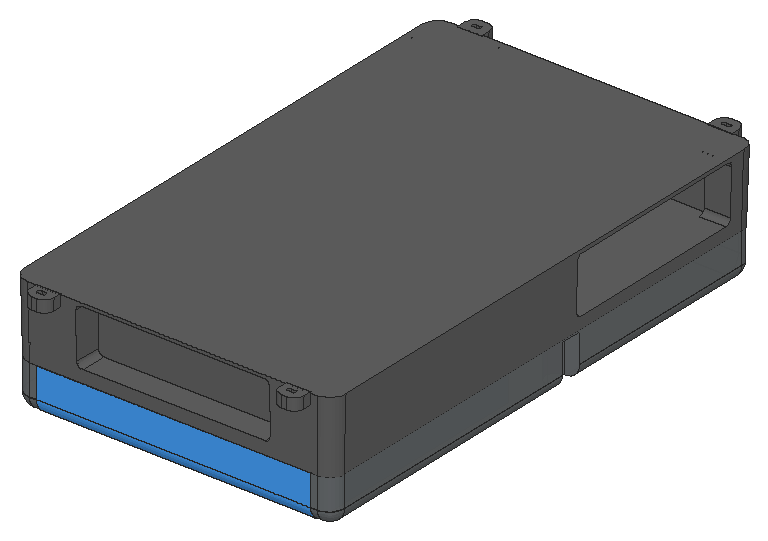
Revit family "Nuaire_IfcFanType_MevEco", category Mechanical Equipment, Revit 2018
Family settings
  Round Connector Dimension = Use Radius
  Part Type = Normal
  OmniClass Number = 23.75.00.00
  OmniClass Title = Climate Control (HVAC)
  Work Plane-Based = No
  Always vertical = Yes
  Cut with Voids When Loaded = No
  Shared = No
  Room Calculation Point = No
Parameters (values of type "MEV-ECO")
  Width = 340.00 mm  # constant formula
  Weight = 4.00 kg  # constant formula
  Weekly = "SFG20 20-03"  # constant formula
  Voltage = 230.00 V  # constant formula
  Type Comments = ""
  Type = ""
  Supply Phase = 1  # constant formula
  Starting Current = 0.45 A  # constant formula
  Specific Fan Power at Design Duty [instance] = "0.0"
  Shape = ""
  Revit Family Last Revised = "2020-09-23T13:00:00"  # constant formula
  Responsible Sourcing of Materials = "FSC"  # constant formula
  Responsible Extraction of Materials = "n/a"  # constant formula
  Reference Standard = "ISO 9001:2015"  # constant formula
  Quote Reference [instance] = ""
  Quarterly = "SFG20 20-03"  # constant formula
  Project Reference [instance] = ""
  Product Range = "MEV-ECO"  # constant formula
  Product Literature = "http://nuaire.info/catalogue/MEV-ECO%20Flyer.pdf"
  Power Source = "Mains"  # constant formula
  Order Reference [instance] = ""
  Operation and Maintenance Manual = "http://nuaire.info/IandM/671944.pdf"
  OmniClass Title = "Centrifugal fans"  # constant formula
  OmniClass Number = "23-33 31 19 13"  # constant formula
  Number of Connection Poles = 2  # constant formula
  Nominal Motor Speed (rpm) = 3300  # constant formula
  Nominal Motor Rating = 0.087 kW  # constant formula
  Monthly = "SFG20 20-03"  # constant formula
  Maximum Ambient Temperature = 50.00 °C  # constant formula
  Material Ingredient Reporting = "n/a"  # constant formula
  Material = ""
  Manufacturer Website = "http://www.nuaire.co.uk/"
  Maintenance Required 8001 to 12000hrs = "http://nuaire.info/IandM/671944.pdf"
  Maintenance Required 601 to 1000hrs = "http://nuaire.info/IandM/671944.pdf"
  Maintenance Required 4001 to 8000hrs = "http://nuaire.info/IandM/671944.pdf"
  Maintenance Required 301 to 600hrs = "http://nuaire.info/IandM/671944.pdf"
  Maintenance Required 2001 to 4000hrs = "http://nuaire.info/IandM/671944.pdf"
  Maintenance Required 1001 to 2000hrs = "http://nuaire.info/IandM/671944.pdf"
  Maintenance Required 0 to 300hrs = "http://nuaire.info/IandM/671944.pdf"
  Location of Manufacturer = "51.571856, -3.232638"  # constant formula
  Location Reference [instance] = ""
  Life Cycle Analysis = 0  # constant formula
  Length = 596.00 mm  # constant formula
  IFCExportType = "CENTRIFUGALBACKWARDINCLINEDCURVED"  # constant formula
  IFCExportAs = "IfcFanType"  # constant formula
  I&M Manual = "http://nuaire.info/IandM/671944.pdf"
  Height = 125.00 mm  # constant formula
  Green Guide for Specification = "n/a"  # constant formula
  Full Load Current = 0.66 A  # constant formula
  Frequency = 50.00 Hz  # constant formula
  Fire Control Panel Links = no
  Finish = ""
  Features = ""
  External Static Pressure [instance] = 0.0 Pa
  Expected Life = "n/a"  # constant formula
  Environmental Product Declaration = "WEEE, RoHS"  # constant formula
  Energy Technology List = "n/a"  # constant formula
  Enclosure Rating = "Not IP rated"  # constant formula
  Embodied Carbon = "n/a"  # constant formula
  Duct Connection Width = 204.00 mm  # constant formula
  Duct Connection Height = 60.00 mm  # constant formula
  Discharge Flow [instance] = Connection 1 Extract Flow + Connection 2 Extract Flow + Connection 3 Extract Flow  # 0.0 L/s
  Daily = "SFG20 20-03"  # constant formula
  Connection 3 Extract Flow [instance] = 0.0 L/s
  Connection 2 Extract Flow [instance] = 0.0 L/s
  Connection 1 Extract Flow [instance] = 0.0 L/s
  Colour = ""
  Classification.Uniclass.Pr.Number = "Pr_65_67_29_12"  # constant formula
  Classification.Uniclass.Pr.Description = "Centrifugal fans"  # constant formula
  Catalogue Pages = "http://nuaire.info/catalogue/MEV-ECO%20Flyer.pdf"
  COBie.Type.WarrantyGuarantorParts = Manufacturer  # "Nuaire"
  COBie.Type.WarrantyGuarantorLabor = Manufacturer  # "Nuaire"
  COBie.Type.WarrantyDurationUnit = "Year"  # constant formula
  COBie.Type.WarrantyDurationParts = "5"  # constant formula
  COBie.Type.WarrantyDurationLabor = "1"  # constant formula
  COBie.Type.WarrantyDescription = "5 years. First year parts and labour, remaining 4 years parts only."  # constant formula
  COBie.Type.SustainabilityPerformance = ""
  COBie.Type.Size = ""
  COBie.Type.Shape = ""
  COBie.Type.ReplacementCost = 0
  COBie.Type.NominalWidth = Width  # 340.00 mm
  COBie.Type.NominalLength = Length  # 596.00 mm
  COBie.Type.NominalHeight = Height  # 125.00 mm
  COBie.Type.Name = Model  # "MEV-ECO"
  COBie.Type.ModelReference = Model  # "MEV-ECO"
  COBie.Type.ModelNumber = Model  # "MEV-ECO"
  COBie.Type.Material = ""
  COBie.Type.Manufacturer = Manufacturer  # "Nuaire"
  COBie.Type.Length = Length  # 596.00 mm
  COBie.Type.Grade = ""
  COBie.Type.Finish = ""
  COBie.Type.Features = ""
  COBie.Type.ExternalIdentifier = ""
  COBie.Type.ExpectedLife = ""
  COBie.Type.DurationUnit = ""
  COBie.Type.Description = Description  # "Mechanical extract ventilation system with multi-spigot option"
  COBie.Type.CreatedOn = Revit Family Last Revised  # "2020-09-23T13:00:00"
  COBie.Type.CreatedBy = Model Drawn by  # "Michael Grote"
  COBie.Type.Constituents = ""
  COBie.Type.Color = ""
  COBie.Type.Category = "Pr_65_67_29_12 : Centrifugal fans"  # constant formula
  COBie.Type.AssetType = ""
  COBie.Type.Area = 0.00 m²
  COBie.Type.AccessibilityPerformance = ""
  COBie.Type = yes
  COBie.ExternalIdentifier [instance] = ""
  COBie.CreatedOn [instance] = Revit Family Last Revised  # "2020-09-23T13:00:00"
  COBie.CreatedBy [instance] = Model Drawn by  # "Michael Grote"
  COBie.Component.WarrantyStartDate [instance] = "Commences on date of delivery"  # constant formula
  COBie.Component.TagNumber [instance] = ""
  COBie.Component.Space [instance] = ""
  COBie.Component.SerialNumber [instance] = ""
  COBie.Component.Name [instance] = Model  # "MEV-ECO"
  COBie.Component.Length [instance] = Length  # 596.00 mm
  COBie.Component.InstallationDate [instance] = ""
  COBie.Component.Description [instance] = Description  # "Mechanical extract ventilation system with multi-spigot option"
  COBie.Component.AssetIdentifier [instance] = ""
  COBie [instance] = yes
  CE Approval = "Yes"  # constant formula
  Bespoke Timeframe = "n/a"  # constant formula
  Battery Type = "n/a"  # constant formula
  Battery Supply = no
  BMS Links = no
  Apparent Load = Full Load Current * Voltage  # 151.80 VA
  Model Drawn by = "Michael Grote"  # constant formula
  URL = "http://www.nuaire.co.uk/"
  Weatherproof or Internal Only = "Internal only"  # constant formula
  Manufacturer = "Nuaire"  # constant formula
  Description = "Mechanical extract ventilation system with multi-spigot option"
  Annually = "SFG20 20-03"  # constant formula
  Address = "Western Industrial Estate, Caerphilly, UK"  # constant formula
  Postcode = "CF83 1NA"  # constant formula
  Telephone Number = "+44(0)2920-858-200"  # constant formula
  Fax Number = "+44(0)2920-858-222"  # constant formula
  Email Address = "info@nuaire.co.uk"  # constant formula
  Company Registration Number = "877308"  # constant formula
  Model = "MEV-ECO"
  6 Monthly = "SFG20 20-03"  # constant formula
  4button = no
  3button = not([4button])  # yes
Types (3, lengths in mm): name | COBie.Type.Name | COBie.Type.ModelReference | COBie.Type.ModelNumber | COBie.Type.Description | COBie.Component.Name | COBie.Component.Description | Description | Model | 4button | 3button
  (no name) | "MEV-ECO" | "MEV-ECO" | "MEV-ECO" | "Mechanical extract ventilation system with multi-spigot option" | "MEV-ECO" | "Mechanical extract ventilation system with multi-spigot option" | "Mechanical extract ventilation system with multi-spigot option" | "MEV-ECO" | no | yes
  MEV-ECO | "MEV-ECO" | "MEV-ECO" | "MEV-ECO" | "Mechanical extract ventilation system with multi-spigot option" | "MEV-ECO" | "Mechanical extract ventilation system with multi-spigot option" | "Mechanical extract ventilation system with multi-spigot option" | "MEV-ECO" | no | yes
  MEV-ECO-H | "MEV-ECO-H" | "MEV-ECO-H" | "MEV-ECO-H" | "Mechanical extract ventilation system with multi-spigot option and humidistat" | "MEV-ECO-H" | "Mechanical extract ventilation system with multi-spigot option and humidistat" | "Mechanical extract ventilation system with multi-spigot option and humidistat" | "MEV-ECO-H" | yes | no
Reference planes
  plane 1 "Center (Front/Back)": y = 0
  plane 2: z = 0
  plane 3 "Center (Left/Right)": x = 0
  plane 4: z = -125.051
  plane 5: y = 145.356
  plane 6: z = -33.49
  plane 7: x = 145
  plane 8: z = -82.501
  plane 9: x = -145
  plane 10: y = -17.782
  plane 11: x = 71.85
  plane 12: x = 157.186
  plane 13: z = -82.501
  plane 14: x = -132.814
  plane 15: y = -17.782
Forms (mm)
  Blend 1, solid, material "Black Plastic"
    base sketch origin (0, 0, 0) x (1, 0, 0) y (0, 1, 0)
      loop
        arc (-152.656, 278.656) -> (-163.97, 273.97) -> (-168.656, 262.656) r 16
        line (-168.656, 262.656) -> (-168.656, -262.595)
        arc (-168.656, -262.595) -> (-163.97, -273.909) -> (-152.656, -278.595) r 16
        line (-152.656, -278.595) -> (152.656, -278.595)
        arc (152.656, -278.595) -> (163.97, -273.909) -> (168.656, -262.595) r 16
        line (168.656, -262.595) -> (168.656, 262.656)
        arc (168.656, 262.656) -> (163.97, 273.97) -> (152.656, 278.656) r 16
        line (152.656, 278.656) -> (-152.656, 278.656)
    top sketch origin (0, 0, 0) x (1, 0, 0) y (0, 1, 0)
      loop
        arc (154, -280) -> (165.314, -275.314) -> (170, -264) r 16
        line (170, -264) -> (170, 264)
        arc (170, 264) -> (165.314, 275.314) -> (154, 280) r 16
        line (154, 280) -> (-154, 280)
        arc (-154, 280) -> (-165.314, 275.314) -> (-170, 264) r 16
        line (-170, 264) -> (-170, -264)
        arc (-170, -264) -> (-165.314, -275.314) -> (-154, -280) r 16
        line (-154, -280) -> (154, -280)
    from -77.001 to 0
  Blend 2, solid, material "Foam"
    base sketch origin (0, 0, 0) x (1, 0, 0) y (0, 1, 0)
      loop
        arc (-152.656, 278.656) -> (-163.97, 273.97) -> (-168.656, 262.656) r 16
        line (-168.656, 262.656) -> (-168.656, -262.595)
        arc (-168.656, -262.595) -> (-163.97, -273.909) -> (-152.656, -278.595) r 16
        line (-152.656, -278.595) -> (-145, -278.595) -> (-145, -17.782) -> (145, -17.782) -> (145, -278.595) -> (152.656, -278.595)
        arc (152.656, -278.595) -> (163.97, -273.909) -> (168.656, -262.595) r 16
        line (168.656, -262.595) -> (168.656, 262.656)
        arc (168.656, 262.656) -> (163.97, 273.97) -> (152.656, 278.656) r 16
        line (152.656, 278.656) -> (-152.656, 278.656)
    top sketch origin (0, 0, 0) x (1, 0, 0) y (0, 1, 0)
      loop
        line (-145, -278.595) -> (-145, -17.782) -> (145, -17.782) -> (145, -278.595) -> (152.656, -278.595)
        arc (152.656, -278.595) -> (163.97, -273.909) -> (168.656, -262.595) r 16
        line (168.656, -262.595) -> (168.656, 262.656)
        arc (168.656, 262.656) -> (163.97, 273.97) -> (152.656, 278.656) r 16
        line (152.656, 278.656) -> (-152.656, 278.656)
        arc (-152.656, 278.656) -> (-163.97, 273.97) -> (-168.656, 262.656) r 16
        line (-168.656, 262.656) -> (-168.656, -262.595)
        arc (-168.656, -262.595) -> (-163.97, -273.909) -> (-152.656, -278.595) r 16
        line (-152.656, -278.595) -> (-145, -278.595)
    from -125.051 to -77.001
  Sweep 3, void
    path origin (0, 0, 0) x (1, 0, 0) y (0, 1, 0)
      loop
        line (-152.656, -278.595) -> (152.656, -278.595)
        arc (152.656, -278.595) -> (163.97, -273.909) -> (168.656, -262.595) r 16
        line (168.656, -262.595) -> (168.656, 262.656)
        arc (168.656, 262.656) -> (163.97, 273.97) -> (152.656, 278.656) r 16
        line (152.656, 278.656) -> (-152.656, 278.656)
        arc (-152.656, 278.656) -> (-163.97, 273.97) -> (-168.656, 262.656) r 16
        line (-168.656, 262.656) -> (-168.656, -262.595)
        arc (-168.656, -262.595) -> (-163.97, -273.909) -> (-152.656, -278.595) r 16
    profile origin (0, -278.595, 0) x (0, 1, 0) y (0, 0, 1)
      loop
        arc (15, -125.051) -> (4.393, -120.658) -> (0, -110.051) r 15
        line (0, -110.051) -> (-2.455, -110.051) -> (-2.455, -127.998) -> (15, -127.998) -> (15, -125.051)
  Extrusion 4, void
    sketch origin (0, 0, 0) x (1, 0, 0) y (0, 1, 0)
      loop
        line (-172.731, 25.987) -> (-152.731, 25.987)
        arc (-152.731, 25.987) -> (-141.731, 36.987) -> (-152.731, 47.987) r 11
        line (-152.731, 47.987) -> (-172.731, 47.987) -> (-172.731, 25.987)
      loop
        line (172.731, 25.987) -> (172.731, 47.987) -> (152.731, 47.987)
        arc (152.731, 47.987) -> (141.731, 36.987) -> (152.731, 25.987) r 11
        line (152.731, 25.987) -> (172.731, 25.987)
      loop
        arc (59, 266.121) -> (70, 255.121) -> (81, 266.121) r 11
        line (81, 266.121) -> (81, 283.45) -> (59, 283.45) -> (59, 266.121)
      loop
        line (-59, 266.121) -> (-59, 283.45) -> (-81, 283.45) -> (-81, 266.121)
        arc (-81, 266.121) -> (-70, 255.121) -> (-59, 266.121) r 11
    from -158.315 to -79.001
  Extrusion 5, solid, material "Black Plastic"
    sketch origin (0, 0, 0) x (1, 0, 0) y (0, 1, 0)
      loop
        arc (119.581, -288.001) -> (122.51, -295.071) -> (129.58, -298) r 9.998
        line (129.58, -298) -> (135.002, -298)
        arc (135.002, -298) -> (142.072, -295.071) -> (145, -288.001) r 9.998
        line (145, -288.001) -> (145, -279.01) -> (119.581, -279.01) -> (119.581, -288.001)
      loop
        arc (129.792, -285.539) -> (127.568, -287.763) -> (129.792, -289.987) r 2.224
        line (129.792, -289.987) -> (134.789, -289.987)
        arc (134.789, -289.987) -> (137.013, -287.763) -> (134.789, -285.539) r 2.224
        line (134.789, -285.539) -> (129.792, -285.539)
    from 0 to -12.001
  Extrusion 6, void
    sketch origin (0, 0, 0) x (1, 0, 0) y (0, 1, 0)
      loop
        line (129.792, -292.987) -> (134.789, -292.987)
        arc (134.789, -292.987) -> (140.013, -287.763) -> (134.789, -282.539) r 5.224
        line (134.789, -282.539) -> (129.792, -282.539)
        arc (129.792, -282.539) -> (124.568, -287.763) -> (129.792, -292.987) r 5.224
    from -13.478 to -3.001
  Extrusion 7, solid, material "Black Plastic"
    sketch origin (0, 0, 0) x (-1, 0, 0) y (0, -1, 0)
      loop
        line (119.581, 288.001) -> (119.581, 279.01) -> (145, 279.01) -> (145, 288.001)
        arc (145, 288.001) -> (142.072, 295.071) -> (135.002, 298) r 9.998
        line (135.002, 298) -> (129.58, 298)
        arc (129.58, 298) -> (122.51, 295.071) -> (119.581, 288.001) r 9.998
      loop
        line (129.792, 285.539) -> (134.789, 285.539)
        arc (134.789, 285.539) -> (137.013, 287.763) -> (134.789, 289.987) r 2.224
        line (134.789, 289.987) -> (129.792, 289.987)
        arc (129.792, 289.987) -> (127.568, 287.763) -> (129.792, 285.539) r 2.224
    from 0 to -12.001
  Extrusion 8, void
    sketch origin (0, 0, 0) x (-1, 0, 0) y (0, -1, 0)
      loop
        arc (129.792, 292.987) -> (124.568, 287.763) -> (129.792, 282.539) r 5.224
        line (129.792, 282.539) -> (134.789, 282.539)
        arc (134.789, 282.539) -> (140.013, 287.763) -> (134.789, 292.987) r 5.224
        line (134.789, 292.987) -> (129.792, 292.987)
    from -13.478 to -3.001
  Extrusion 9, solid, material "Black Plastic"
    sketch origin (0, 0, 0) x (1, 0, 0) y (0, 1, 0)
      loop
        line (119.581, 288.001) -> (119.581, 279.01) -> (145, 279.01) -> (145, 288.001)
        arc (145, 288.001) -> (142.072, 295.071) -> (135.002, 298) r 9.998
        line (135.002, 298) -> (129.58, 298)
        arc (129.58, 298) -> (122.51, 295.071) -> (119.581, 288.001) r 9.998
      loop
        line (129.792, 285.539) -> (134.789, 285.539)
        arc (134.789, 285.539) -> (137.013, 287.763) -> (134.789, 289.987) r 2.224
        line (134.789, 289.987) -> (129.792, 289.987)
        arc (129.792, 289.987) -> (127.568, 287.763) -> (129.792, 285.539) r 2.224
    from 0 to -12.001
  Extrusion 10, void
    sketch origin (0, 0, 0) x (1, 0, 0) y (0, 1, 0)
      loop
        arc (129.792, 292.987) -> (124.568, 287.763) -> (129.792, 282.539) r 5.224
        line (129.792, 282.539) -> (134.789, 282.539)
        arc (134.789, 282.539) -> (140.013, 287.763) -> (134.789, 292.987) r 5.224
        line (134.789, 292.987) -> (129.792, 292.987)
    from -13.478 to -3.001
  Extrusion 11, solid, material "Black Plastic"
    sketch origin (0, 0, 0) x (-1, 0, 0) y (0, -1, 0)
      loop
        arc (119.581, -288.001) -> (122.51, -295.071) -> (129.58, -298) r 9.998
        line (129.58, -298) -> (135.002, -298)
        arc (135.002, -298) -> (142.072, -295.071) -> (145, -288.001) r 9.998
        line (145, -288.001) -> (145, -279.01) -> (119.581, -279.01) -> (119.581, -288.001)
      loop
        arc (129.792, -285.539) -> (127.568, -287.763) -> (129.792, -289.987) r 2.224
        line (129.792, -289.987) -> (134.789, -289.987)
        arc (134.789, -289.987) -> (137.013, -287.763) -> (134.789, -285.539) r 2.224
        line (134.789, -285.539) -> (129.792, -285.539)
    from 0 to -12.001
  Extrusion 12, void
    sketch origin (0, 0, 0) x (-1, 0, 0) y (0, -1, 0)
      loop
        line (129.792, -292.987) -> (134.789, -292.987)
        arc (134.789, -292.987) -> (140.013, -287.763) -> (134.789, -282.539) r 5.224
        line (134.789, -282.539) -> (129.792, -282.539)
        arc (129.792, -282.539) -> (124.568, -287.763) -> (129.792, -292.987) r 5.224
    from -13.478 to -3.001
  Extrusion 13, void
    sketch origin (0, 0, 0) x (1, 0, 0) y (0, 0, 1)
      loop
        line (96.479, -3.001) -> (-96.498, -3.001)
        arc (-96.498, -3.001) -> (-100.74, -4.759) -> (-102.498, -9.001) r 6
        line (-102.498, -9.001) -> (-102.498, -57.978)
        arc (-102.498, -57.978) -> (-100.74, -62.221) -> (-96.498, -63.978) r 6
        line (-96.498, -63.978) -> (96.479, -63.978)
        arc (96.479, -63.978) -> (100.722, -62.221) -> (102.479, -57.978) r 6
        line (102.479, -57.978) -> (102.479, -9.001)
        arc (102.479, -9.001) -> (100.722, -4.759) -> (96.479, -3.001) r 6
    from 251 to 285.539
  Extrusion 14, void
    sketch origin (0, 630, 0) x (1, 0, 0) y (0, 0, 1)
      loop
        line (96.479, -3.001) -> (-96.498, -3.001)
        arc (-96.498, -3.001) -> (-100.74, -4.759) -> (-102.498, -9.001) r 6
        line (-102.498, -9.001) -> (-102.498, -57.978)
        arc (-102.498, -57.978) -> (-100.74, -62.221) -> (-96.498, -63.978) r 6
        line (-96.498, -63.978) -> (96.479, -63.978)
        arc (96.479, -63.978) -> (100.722, -62.221) -> (102.479, -57.978) r 6
        line (102.479, -57.978) -> (102.479, -9.001)
        arc (102.479, -9.001) -> (100.722, -4.759) -> (96.479, -3.001) r 6
    from 340.013 to 379
  Extrusion 15, void
    sketch origin (559, 145.347, 4.502) x (0, -1, 0) y (0, 0, 1)
      loop
        line (96.479, -7.504) -> (-96.498, -7.504)
        arc (-96.498, -7.504) -> (-100.74, -9.261) -> (-102.498, -13.504) r 6
        line (-102.498, -13.504) -> (-102.498, -62.48)
        arc (-102.498, -62.48) -> (-100.74, -66.723) -> (-96.498, -68.48) r 6
        line (-96.498, -68.48) -> (96.479, -68.48)
        arc (96.479, -68.48) -> (100.722, -66.723) -> (102.479, -62.48) r 6
        line (102.479, -62.48) -> (102.479, -13.504)
        arc (102.479, -13.504) -> (100.722, -9.261) -> (96.479, -7.504) r 6
    from 370.919 to 418
  Extrusion 16, void
    sketch origin (-559, 145.347, 4.502) x (0, -1, 0) y (0, 0, -1)
      loop
        arc (96.479, 7.504) -> (100.722, 9.261) -> (102.479, 13.504) r 6
        line (102.479, 13.504) -> (102.479, 62.48)
        arc (102.479, 62.48) -> (100.722, 66.723) -> (96.479, 68.48) r 6
        line (96.479, 68.48) -> (-96.498, 68.48)
        arc (-96.498, 68.48) -> (-100.74, 66.723) -> (-102.498, 62.48) r 6
        line (-102.498, 62.48) -> (-102.498, 13.504)
        arc (-102.498, 13.504) -> (-100.74, 9.261) -> (-96.498, 7.504) r 6
        line (-96.498, 7.504) -> (96.479, 7.504)
    from 370.919 to 418
  Extrusion 17, solid, material "Foam", visible <- "4button"
    sketch origin (0, 0, 0) x (1, 0, 0) y (0, 1, 0)
      loop
        circle (104.47, -223.869) r 5.08
      loop
        circle (79.664, -223.869) r 5.08
      loop
        circle (59.664, -223.869) r 5.08
      loop
        circle (39.652, -223.869) r 5.08
    from -127.541 to -125.051
  Blend 18, solid, material "Blue Plastic"
    base sketch origin (0, 0, 0) x (1, 0, 0) y (0, 1, 0)
      loop
        line (-145, -17.782) -> (-145, -278.595) -> (145, -278.595) -> (145, -17.782) -> (-145, -17.782)
    top sketch origin (0, 0, 0) x (1, 0, 0) y (0, 1, 0)
      loop
        line (-145, -17.782) -> (-145, -278.595) -> (145, -278.595) -> (145, -17.782) -> (-145, -17.782)
    from -125.051 to -77.001
  Extrusion 19, void
    sketch origin (0, 0, 0) x (1, 0, 0) y (0, 1, 0)
      loop
        line (-141, 251) -> (-141, 42.868) -> (141, 42.868) -> (141, 251) -> (-141, 251)
    from -63.978 to -3.001
  Extrusion 20, solid, not visible
    sketch origin (145.356, 145.356, 0) x (-1, 0, 0) y (0, 0, 1)
      loop
        circle (145.356, -33.49) r 15
    from 0 to 105.644
  Extrusion 21, solid, not visible
    sketch origin (0, 0, 0) x (0, 1, 0) y (0, 0, 1)
      loop
        circle (145.356, -33.49) r 15
    from -141 to 141
  Extrusion 22, solid, material "Foam", visible <- "3button"
    sketch origin (12.186, 0, 0) x (1, 0, 0) y (0, 1, 0)
      loop
        circle (79.664, -223.869) r 5.08
      loop
        circle (59.664, -223.869) r 5.08
      loop
        circle (39.652, -223.869) r 5.08
    from -127.541 to -125.051
Cuts and joins
  Sweep 3, Extrusion 4 cuts Blend 2
  Extrusion 4, Extrusion 13, Extrusion 14, Extrusion 15, Extrusion 16, Extrusion 19 cuts Blend 1
  Extrusion 6, Extrusion 8, Extrusion 10 cuts Extrusion 5
  Extrusion 8, Extrusion 12 cuts Extrusion 7
  Extrusion 10 cuts Extrusion 9
  Extrusion 12 cuts Extrusion 11
  Sweep 3 cuts Blend 18
  joined: Extrusion 20, Extrusion 21
Dimensions and locks
  aligned and locked: level to plane 2
Connectors
  hvac at (141, 145.356, -33.49), driven by "Duct Connection Height", driven by "Duct Connection Width", driven by "Connection 3 Extract Flow"
    settings: on cut or joined group of Extrusion 20, Extrusion 21, index 1, duct flow 0.0 L/s, flow factor 0, pres drop 0.0 Pa, loss coef 0, conn angle 0.00°, conn width 204.00 mm, conn height 60.00 mm, conn diameter 609.60 mm, duct sys type 3, conn prof type 1, flow config 0, flow direction 1, loss method 0, conn ref index -1, conn util no, is conn primary yes, conn desc "Extract Connection 3"
  hvac at (0, 251, -33.49), driven by "Duct Connection Height", driven by "Duct Connection Width", driven by "Connection 2 Extract Flow"
    settings: on cut or joined group of Extrusion 20, Extrusion 21, index 2, duct flow 0.0 L/s, flow factor 0, pres drop 0.0 Pa, loss coef 0, conn angle 0.00°, conn width 204.00 mm, conn height 60.00 mm, conn diameter 609.60 mm, duct sys type 3, conn prof type 1, flow config 0, flow direction 1, loss method 0, conn ref index -1, conn util no, is conn primary no, conn desc "Extract Connection 2"
  hvac at (-141, 145.356, -33.49), driven by "Duct Connection Height", driven by "Duct Connection Width", driven by "Connection 1 Extract Flow"
    settings: on cut or joined group of Extrusion 20, Extrusion 21, index 3, duct flow 0.0 L/s, flow factor 0, pres drop 0.0 Pa, loss coef 0, conn angle 0.00°, conn width 204.00 mm, conn height 60.00 mm, conn diameter 609.60 mm, duct sys type 3, conn prof type 1, flow config 0, flow direction 1, loss method 0, conn ref index -1, conn util no, is conn primary no, conn desc "Extract Connection 1"
  hvac at (-0.009, -251, -33.49), driven by "Duct Connection Height", driven by "Duct Connection Width", driven by "Discharge Flow"
    settings: on cut or joined group of Blend 1, Extrusion 4, Extrusion 13, Extrusion 14, Extrusion 15, Extrusion 16, Extrusion 19, index 4, duct flow 0.0 L/s, flow factor 0, pres drop 0.0 Pa, loss coef 0, conn angle 0.00°, conn width 204.00 mm, conn height 60.00 mm, conn diameter 609.60 mm, duct sys type 3, conn prof type 1, flow config 1, flow direction 2, loss method 0, conn ref index -1, conn util no, is conn primary no, conn desc "Discharge to Atmosphere"
  electrical at (0, 32.834, -125.051), driven by "Number of Connection Poles", driven by "Voltage", driven by "Apparent Load"
    settings: on cut or joined group of Blend 2, Sweep 3, Extrusion 4, index 5, voltage 230.00 V, apparent load 151.80 VA, apparent load phase1 0.00 VA, apparent load phase2 0.00 VA, apparent load phase3 0.00 VA, power factor 1, load classification "Other", number of poles 2, system type 30, power factor state 1, is connector primary yes, connector utility no, sub classification motor no, connector description "Power Supply"
